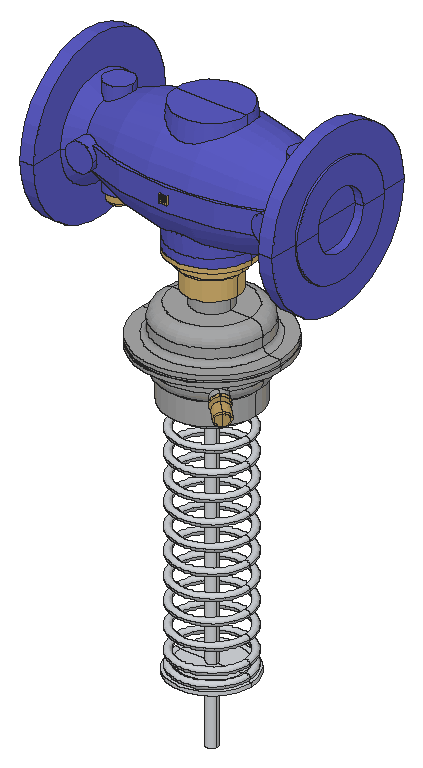
Revit family "Differenzdruckregler F_4007_10-40kPa", category Rohrzubehör, Revit 2021
Family settings
  Bemaßung runder Anschluss = Durchmesser verwenden
  Teiletyp = Unterbricht
  OmniClass-Nummer = 23.65.55.14
  OmniClass-Titel = Valves for Liquid Services
  Arbeitsebenenbasiert = Nein
  Immer vertikal = Ja
  Beim Laden mit Abzugskörper schneiden = Nein
  Gemeinsam genutzt = Nein
Parameters
  Vorgabe-Ansicht = 0 mm
  Min. Betriebstemperatur (Frostschutz) = -10 °C  # constant formula
  Min. Betriebstemperatur = 2 °C  # constant formula
  Max. Betriebsdruck = 1600000.0 Pa  # constant formula
  Max. Betriebstemperatur = 110 °C  # constant formula
  URL = "www.herz-armaturen.at"
  Sollwertfeder = "EN 10270-1-SH"  # constant formula
  SCRNSEQ = "ARM;ARM_TYP=\"DIFR\";2"
  SCRNCODE = "05;03;02"  # constant formula
  S02 [instance] = H03 + H13  # 134 mm
  S01 [instance] = (2 * H02) + (2 * H04) + H05  # 72.7 mm
  R99 = 14 mm  # constant formula
  R98 = 6 mm  # constant formula
  R97 = 2 mm  # constant formula
  R02 = 15.5 mm  # constant formula
  R01 [instance] = size_lookup("4007_F_10-40", "R1", 45.5 mm, Nennweite)  # 55.5 mm
  R00 [instance] = size_lookup("4007_F_10-40", "R", 53 mm, Nennweite)  # 65 mm
  Nennweite [instance] = 65 mm
  Membrane und O-Ringe = "EPDM"  # constant formula
  Medium = "Die Verwendung von Ethylen- und Propylenglykol ist im Mischungsverhältnis 25 - 50 % zulässig. Heizwasserqualität entsprechend ÖNORM H 5195 bzw. VDI-Richtlinie 2035"
  L05 [instance] = L04 - 6.3 mm  # 104.7 mm
  L04 [instance] = size_lookup("4007_F_10-40", "L4", 81 mm, Nennweite)  # 111 mm
  L03 = 10 mm  # constant formula
  L02 [instance] = size_lookup("4007_F_10-40", "L2", 15 mm, Nennweite)  # 15 mm
  L01 = 3 mm  # constant formula
  L00 [instance] = size_lookup("4007_F_10-40", "L", 115 mm, Nennweite)  # 145 mm
  Hersteller = "HERZ Armaturen Ges.m.b.H."  # constant formula
  H19 [instance] = size_lookup("4007_F_10-40", "H19", 9 mm, Nennweite)  # 581 mm
  H18 [instance] = H19 - 75 mm  # 506 mm
  H17 = 6 mm  # constant formula
  H16 = 10 mm  # constant formula
  H15 = 24.5 mm  # constant formula
  H14 = 5 mm  # constant formula
  H13 = 17 mm  # constant formula
  H12 [instance] = R00 + 4 mm  # 69 mm
  H11 [instance] = R00 + 10 mm  # 75 mm
  H10 = 5 mm  # constant formula
  H09 [instance] = size_lookup("4007_F_10-40", "H9", 9 mm, Nennweite)  # 9 mm
  H08 = 21 mm  # constant formula
  H07 [instance] = R00 + 23.4 mm  # 88.4 mm
  H06 [instance] = D12 + 15 mm  # 55.5 mm
  H05 = 2.5 mm  # constant formula
  H04 = 4.6 mm  # constant formula
  H03 [instance] = H08 + H09 + H10 + H11 + H14 + R97  # 117 mm
  H02 [instance] = size_lookup("4007_F_10-40", "H2", 30.5 mm, Nennweite)  # 30.5 mm
  H01 [instance] = size_lookup("4007_F_10-40", "H1", 210 mm, Nennweite)  # 205 mm
  Gehäuse = "Grauguss GJL250 nach EN 1561"  # constant formula
  Differenzdruck Einstellbereich = "10-40 kPa"  # constant formula
  DN80 [instance] = Nennweite = 80 mm  # no
  DN65 [instance] = Nennweite = 65 mm  # yes
  DN100 [instance] = Nennweite = 100 mm  # no
  D17 = 6 mm  # constant formula
  D16 = 45 mm  # constant formula
  D15 = 35 mm  # constant formula
  D14 = 50 mm  # constant formula
  D13 [instance] = D11 + 10 mm  # 50 mm
  D12 [instance] = R01 - 15 mm  # 40.5 mm
  D11 [instance] = size_lookup("4007_F_10-40", "D11", 40 mm, Nennweite)  # 40 mm
  D10 [instance] = D11 + 5 mm  # 45 mm
  D09 [instance] = D11 - 5 mm  # 35 mm
  D08 = 24 mm  # constant formula
  D07 = 29.5 mm  # constant formula
  D06 [instance] = size_lookup("4007_F_10-40", "D6", 51 mm, Nennweite)  # 57.8 mm
  D05 [instance] = D04 - 1 mm  # 77 mm
  D04 [instance] = size_lookup("4007_F_10-40", "D4", 51 mm, Nennweite)  # 78 mm
  D03 = 21 mm  # constant formula
  D02 [instance] = Nennweite / 2  # 32.5 mm
  D01 [instance] = size_lookup("4007_F_10-40", "D1", 51 mm, Nennweite)  # 61 mm
  D00 [instance] = size_lookup("4007_F_10-40", "D", 82.5 mm, Nennweite)  # 92.5 mm
  Bestellnummer [instance] = if(Nennweite = 65 mm, "F400707", if(Nennweite = 80 mm, "F400708", if(Nennweite = 100 mm, "F400709", "0")))  # "F400707"
  Ausführung = "Der Differenzdruckregler ist ein Proportionalregler in Geradsitzausführung und arbeitet ohne Hilfsenergie für Zweirohranlagen. Der gewünschte Differenzdruck- Sollwert kann zwischen 10 und 40 kPa stufenlos eingestellt werden."
  Anwendung = "Für Heizungs- und Kühlanlagen um den Differenzdruck innerhalb des regeltechnischen Bereiches konstant zu halten."
  Anschlussflansch = "EN 1092-2"  # constant formula
Reference planes
  plane 1 "Mitte (Vorne/hinten)": y = 0
  plane 2: z = -0.015
  plane 3 "Mitte (Links/rechts)": x = 0
Forms (mm)
  Revolve 1, solid, material "Herz-Marineblau", detail levels fine
    sketch origin (1065, 0, 0) x (1, 0, 0) y (0, 1, 0)
      loop
        line (-1207, 92.5) -> (-1207, 61) -> (-1210, 61) -> (-1210, 32.5) -> (-1200, 32.5) -> (-1200, 0) -> (-930, 0) -> (-930, 32.5) -> (-920, 32.5) -> (-920, 61) -> (-923, 61) -> (-923, 92.5) -> (-938, 92.5) -> (-938, 55.5) -> (-954, 40.5)
        arc (-954, 40.5) -> (-1065, 65) -> (-1176, 40.5) r 263.699
        line (-1176, 40.5) -> (-1192, 55.5) -> (-1192, 92.5) -> (-1207, 92.5)
      axis (-1210, 0) -> (-920, 0)
    angle from 0 to 360
  Extrusion 2, solid, material "Herz-Marineblau", detail levels fine
    sketch origin (0, 0, 0) x (1, 0, 0) y (0, 1, 0)
      loop
        circle (-104.7, 0) r 15.5
      loop
        circle (104.7, 0) r 15.5
    from -55.515 to 55.485
  Extrusion 3, solid, material "Herz-Marineblau", detail levels fine
    sketch origin (0, 0, 0) x (-1, 0, 0) y (0, 0, -1)
      loop
        circle (104.7, 0) r 15.5
      loop
        circle (-104.7, 0) r 15.5
    from -55.5 to 55.5
  Revolve 4, solid, material "Herz-Marineblau", detail levels fine
    sketch origin (92.737, 0, -45.97) x (1, 0, 0) y (0, 0, 1)
      loop
        line (-92.737, 114.955) -> (-92.737, -29.045) -> (-47.737, -29.045) -> (-47.737, -19.045) -> (-42.737, 45.97) -> (-52.737, 114.955) -> (-92.737, 114.955)
      axis (-92.737, 114.955) -> (-92.737, -29.045)
    angle from 0 to 360
  Revolve 5, solid, material "Messing", detail levels fine
    sketch origin (446.725, 0, 35.707) x (1, 0, 0) y (0, 0, 1)
      loop
        line (-446.725, -110.722) -> (-446.725, -152.722) -> (-417.225, -152.722) -> (-417.225, -131.722) -> (-422.725, -131.722) -> (-422.725, -126.722) -> (-411.725, -126.722) -> (-411.725, -117.722)
        arc (-411.725, -117.722) -> (-411.14, -116.308) -> (-409.725, -115.722) r 2
        line (-409.725, -115.722) -> (-401.725, -115.722) -> (-401.725, -110.722) -> (-446.725, -110.722)
      axis (-446.725, -152.722) -> (-446.725, -110.722)
    angle from 0 to 360
  Revolve 6, solid, material "Aluminium", detail levels fine
    sketch origin (925.114, 0, 19.41) x (1, 0, 0) y (0, 0, 1)
      loop
        line (-925.114, -136.425) -> (-925.114, -250.625) -> (-875.114, -250.625) -> (-875.114, -226.125) -> (-881.314, -226.125)
        arc (-881.314, -226.125) -> (-871.414, -222.025) -> (-867.314, -212.125) r 14
        line (-867.314, -212.125) -> (-867.314, -201.625)
        arc (-867.314, -201.625) -> (-865.556, -197.383) -> (-861.314, -195.625) r 6
        line (-861.314, -195.625) -> (-847.114, -195.625) -> (-847.114, -191.025) -> (-848.114, -191.025) -> (-848.114, -188.525) -> (-847.114, -188.525) -> (-847.114, -183.925) -> (-861.314, -183.925)
        arc (-861.314, -183.925) -> (-865.556, -182.168) -> (-867.314, -177.925) r 6
        line (-867.314, -177.925) -> (-867.314, -167.425)
        arc (-867.314, -167.425) -> (-871.414, -157.526) -> (-881.314, -153.425) r 14
        line (-881.314, -153.425) -> (-904.114, -153.425) -> (-904.114, -136.425) -> (-925.114, -136.425)
      axis (-925.114, -136.425) -> (-925.114, -250.625)
    angle from 0 to 360
  Extrusion 7, solid, material "Herz-Marineblau", visible <- "DN65", detail levels fine
    sketch origin (0, 0, 0) x (1, 0, 0) y (0, 1, 0)
      loop
        arc (-104.7, -46.589) -> (0, -68) -> (104.7, -46.589) r 266.699
        line (104.7, -46.589) -> (104.7, 46.589)
        arc (104.7, 46.589) -> (0, 68) -> (-104.7, 46.589) r 266.699
        line (-104.7, 46.589) -> (-104.7, -46.589)
    from -12.5 to 12.5
  Extrusion 8, solid, material "Herz-Marineblau", visible <- "DN80", detail levels fine
    sketch origin (0, 0, 0) x (1, 0, 0) y (0, 1, 0)
      loop
        arc (-114.7, -54.973) -> (0, -74) -> (114.7, -54.973) r 355.238
        line (114.7, -54.973) -> (114.7, 54.973)
        arc (114.7, 54.973) -> (0, 74) -> (-114.7, 54.973) r 355.238
        line (-114.7, 54.973) -> (-114.7, -54.973)
    from -12.5 to 12.5
  Extrusion 9, solid, material "Herz-Marineblau", visible <- "DN100", detail levels fine
    sketch origin (0, 0, 0) x (1, 0, 0) y (0, 1, 0)
      loop
        arc (-134.7, -65.632) -> (0, -85) -> (134.7, -65.632) r 478.099
        line (134.7, -65.632) -> (134.7, 65.632)
        arc (134.7, 65.632) -> (0, 85) -> (-134.7, 65.632) r 478.099
        line (-134.7, 65.632) -> (-134.7, -65.632)
    from -12.5 to 12.5
  Revolve 10, solid, detail levels fine
    sketch origin (0, 0, 0) x (1, 0, 0) y (0, 0, 1)
      loop
        line (0, -506.015) -> (45, -506.015) -> (45, -502.015) -> (35, -502.015) -> (35, -496.015) -> (0, -496.015) -> (0, -506.015)
      axis (0, -496.015) -> (0, -506.015)
    angle from 0 to 360
  Revolve 11, solid, detail levels fine
    sketch origin (0, 0, 0) x (1, 0, 0) y (0, 0, 1)
      loop
        line (0, -219.215) -> (0, -581.015) -> (6, -581.015) -> (6, -219.215) -> (0, -219.215)
      axis (0, -219.215) -> (0, -581.015)
    angle from 0 to 360
  Sweep 12, solid, visible <- "DN65", detail levels fine
    path in 3D
      loop
        arc (-39, 0, -234.715) -> (0, -39, -234.715) -> (39, 0, -234.715) r 39
        arc (39, 0, -234.715) -> (0, 39, -234.715) -> (-39, 0, -234.715) r 39
    profile origin (0, 39, -234.715) x (0, -1, 0) y (0, 0, 1)
      loop
        circle (0, 0) r 3.5
  Sweep 13, solid, visible <- "DN65", detail levels fine
    path in 3D
      loop
        arc (-39, 0, -259.715) -> (0, -39, -259.715) -> (39, 0, -259.715) r 39
        arc (39, 0, -259.715) -> (0, 39, -259.715) -> (-39, 0, -259.715) r 39
    profile origin (0, 39, -259.715) x (0, -1, 0) y (0, 0, 1)
      loop
        circle (0, 0) r 3.5
  Sweep 14, solid, visible <- "DN65", detail levels fine
    path in 3D
      loop
        arc (-39, 0, -284.715) -> (0, -39, -284.715) -> (39, 0, -284.715) r 39
        arc (39, 0, -284.715) -> (0, 39, -284.715) -> (-39, 0, -284.715) r 39
    profile origin (0, 39, -284.715) x (0, -1, 0) y (0, 0, 1)
      loop
        circle (0, 0) r 3.5
  Sweep 15, solid, visible <- "DN65", detail levels fine
    path in 3D
      loop
        arc (-39, 0, -309.715) -> (0, -39, -309.715) -> (39, 0, -309.715) r 39
        arc (39, 0, -309.715) -> (0, 39, -309.715) -> (-39, 0, -309.715) r 39
    profile origin (0, 39, -309.715) x (0, -1, 0) y (0, 0, 1)
      loop
        circle (0, 0) r 3.5
  Sweep 16, solid, visible <- "DN65", detail levels fine
    path in 3D
      loop
        arc (-39, 0, -334.715) -> (0, -39, -334.715) -> (39, 0, -334.715) r 39
        arc (39, 0, -334.715) -> (0, 39, -334.715) -> (-39, 0, -334.715) r 39
    profile origin (0, 39, -334.715) x (0, -1, 0) y (0, 0, 1)
      loop
        circle (0, 0) r 3.5
  Sweep 17, solid, visible <- "DN65", detail levels fine
    path in 3D
      loop
        arc (-39, 0, -359.715) -> (0, -39, -359.715) -> (39, 0, -359.715) r 39
        arc (39, 0, -359.715) -> (0, 39, -359.715) -> (-39, 0, -359.715) r 39
    profile origin (0, 39, -359.715) x (0, -1, 0) y (0, 0, 1)
      loop
        circle (0, 0) r 3.5
  Sweep 18, solid, visible <- "DN65", detail levels fine
    path in 3D
      loop
        arc (-39, 0, -384.715) -> (0, -39, -384.715) -> (39, 0, -384.715) r 39
        arc (39, 0, -384.715) -> (0, 39, -384.715) -> (-39, 0, -384.715) r 39
    profile origin (0, 39, -384.715) x (0, -1, 0) y (0, 0, 1)
      loop
        circle (0, 0) r 3.5
  Sweep 19, solid, visible <- "DN65", detail levels fine
    path in 3D
      loop
        arc (-39, 0, -409.715) -> (0, -39, -409.715) -> (39, 0, -409.715) r 39
        arc (39, 0, -409.715) -> (0, 39, -409.715) -> (-39, 0, -409.715) r 39
    profile origin (0, 39, -409.715) x (0, -1, 0) y (0, 0, 1)
      loop
        circle (0, 0) r 3.5
  Sweep 20, solid, visible <- "DN65", detail levels fine
    path in 3D
      loop
        arc (-39, 0, -434.715) -> (0, -39, -434.715) -> (39, 0, -434.715) r 39
        arc (39, 0, -434.715) -> (0, 39, -434.715) -> (-39, 0, -434.715) r 39
    profile origin (0, 39, -434.715) x (0, -1, 0) y (0, 0, 1)
      loop
        circle (0, 0) r 3.5
  Sweep 21, solid, visible <- "DN65", detail levels fine
    path in 3D
      loop
        arc (-39, 0, -459.715) -> (0, -39, -459.715) -> (39, 0, -459.715) r 39
        arc (39, 0, -459.715) -> (0, 39, -459.715) -> (-39, 0, -459.715) r 39
    profile origin (0, 39, -459.715) x (0, -1, 0) y (0, 0, 1)
      loop
        circle (0, 0) r 3.5
  Sweep 22, solid, visible <- "DN65", detail levels fine
    path in 3D
      loop
        arc (-39, 0, -484.715) -> (0, -39, -484.715) -> (39, 0, -484.715) r 39
        arc (39, 0, -484.715) -> (0, 39, -484.715) -> (-39, 0, -484.715) r 39
    profile origin (0, 39, -484.715) x (0, -1, 0) y (0, 0, 1)
      loop
        circle (0, 0) r 3.5
  Sweep 23, solid, visible <- "DN65", detail levels fine
    path in 3D
      loop
        arc (-39, 0, -498.715) -> (0, -39, -498.715) -> (39, 0, -498.715) r 39
        arc (39, 0, -498.715) -> (0, 39, -498.715) -> (-39, 0, -498.715) r 39
    profile origin (0, 39, -498.715) x (0, -1, 0) y (0, 0, 1)
      loop
        circle (0, 0) r 3.5
  Sweep 24, solid, visible <- "DN80", detail levels fine
    path in 3D
      loop
        arc (-39, 0, -241.715) -> (0, -39, -241.715) -> (39, 0, -241.715) r 39
        arc (39, 0, -241.715) -> (0, 39, -241.715) -> (-39, 0, -241.715) r 39
    profile origin (0, 39, -241.715) x (0, -1, 0) y (0, 0, 1)
      loop
        circle (0, 0) r 3.5
  Sweep 25, solid, visible <- "DN80", detail levels fine
    path in 3D
      loop
        arc (-39, 0, -266.715) -> (0, -39, -266.715) -> (39, 0, -266.715) r 39
        arc (39, 0, -266.715) -> (0, 39, -266.715) -> (-39, 0, -266.715) r 39
    profile origin (0, 39, -266.715) x (0, -1, 0) y (0, 0, 1)
      loop
        circle (0, 0) r 3.5
  Sweep 26, solid, visible <- "DN80", detail levels fine
    path in 3D
      loop
        arc (-39, 0, -291.715) -> (0, -39, -291.715) -> (39, 0, -291.715) r 39
        arc (39, 0, -291.715) -> (0, 39, -291.715) -> (-39, 0, -291.715) r 39
    profile origin (0, 39, -291.715) x (0, -1, 0) y (0, 0, 1)
      loop
        circle (0, 0) r 3.5
  Sweep 27, solid, visible <- "DN80", detail levels fine
    path in 3D
      loop
        arc (-39, 0, -316.715) -> (0, -39, -316.715) -> (39, 0, -316.715) r 39
        arc (39, 0, -316.715) -> (0, 39, -316.715) -> (-39, 0, -316.715) r 39
    profile origin (0, 39, -316.715) x (0, -1, 0) y (0, 0, 1)
      loop
        circle (0, 0) r 3.5
  Sweep 28, solid, visible <- "DN80", detail levels fine
    path in 3D
      loop
        arc (-39, 0, -341.715) -> (0, -39, -341.715) -> (39, 0, -341.715) r 39
        arc (39, 0, -341.715) -> (0, 39, -341.715) -> (-39, 0, -341.715) r 39
    profile origin (0, 39, -341.715) x (0, -1, 0) y (0, 0, 1)
      loop
        circle (0, 0) r 3.5
  Sweep 29, solid, visible <- "DN80", detail levels fine
    path in 3D
      loop
        arc (-39, 0, -366.715) -> (0, -39, -366.715) -> (39, 0, -366.715) r 39
        arc (39, 0, -366.715) -> (0, 39, -366.715) -> (-39, 0, -366.715) r 39
    profile origin (0, 39, -366.715) x (0, -1, 0) y (0, 0, 1)
      loop
        circle (0, 0) r 3.5
  Sweep 30, solid, visible <- "DN80", detail levels fine
    path in 3D
      loop
        arc (-39, 0, -391.715) -> (0, -39, -391.715) -> (39, 0, -391.715) r 39
        arc (39, 0, -391.715) -> (0, 39, -391.715) -> (-39, 0, -391.715) r 39
    profile origin (0, 39, -391.715) x (0, -1, 0) y (0, 0, 1)
      loop
        circle (0, 0) r 3.5
  Sweep 31, solid, visible <- "DN80", detail levels fine
    path in 3D
      loop
        arc (-39, 0, -416.715) -> (0, -39, -416.715) -> (39, 0, -416.715) r 39
        arc (39, 0, -416.715) -> (0, 39, -416.715) -> (-39, 0, -416.715) r 39
    profile origin (0, 39, -416.715) x (0, -1, 0) y (0, 0, 1)
      loop
        circle (0, 0) r 3.5
  Sweep 32, solid, visible <- "DN80", detail levels fine
    path in 3D
      loop
        arc (-39, 0, -441.715) -> (0, -39, -441.715) -> (39, 0, -441.715) r 39
        arc (39, 0, -441.715) -> (0, 39, -441.715) -> (-39, 0, -441.715) r 39
    profile origin (0, 39, -441.715) x (0, -1, 0) y (0, 0, 1)
      loop
        circle (0, 0) r 3.5
  Sweep 33, solid, visible <- "DN80", detail levels fine
    path in 3D
      loop
        arc (-39, 0, -466.715) -> (0, -39, -466.715) -> (39, 0, -466.715) r 39
        arc (39, 0, -466.715) -> (0, 39, -466.715) -> (-39, 0, -466.715) r 39
    profile origin (0, 39, -466.715) x (0, -1, 0) y (0, 0, 1)
      loop
        circle (0, 0) r 3.5
  Sweep 34, solid, visible <- "DN80", detail levels fine
    path in 3D
      loop
        arc (-39, 0, -491.715) -> (0, -39, -491.715) -> (39, 0, -491.715) r 39
        arc (39, 0, -491.715) -> (0, 39, -491.715) -> (-39, 0, -491.715) r 39
    profile origin (0, 39, -491.715) x (0, -1, 0) y (0, 0, 1)
      loop
        circle (0, 0) r 3.5
  Sweep 35, solid, visible <- "DN80", detail levels coarse+medium
    path in 3D
      loop
        arc (-39, 0, -520.215) -> (0, -39, -520.215) -> (39, 0, -520.215) r 39
        arc (39, 0, -520.215) -> (0, 39, -520.215) -> (-39, 0, -520.215) r 39
    profile origin (0, 39, -520.215) x (0, -1, 0) y (0, 0, 1)
      loop
        circle (0, 0) r 3.5
  Sweep 36, solid, visible <- "DN100", detail levels fine
    path in 3D
      loop
        arc (-39, 0, -251.715) -> (0, -39, -251.715) -> (39, 0, -251.715) r 39
        arc (39, 0, -251.715) -> (0, 39, -251.715) -> (-39, 0, -251.715) r 39
    profile origin (0, 39, -251.715) x (0, -1, 0) y (0, 0, 1)
      loop
        circle (0, 0) r 3.5
  Sweep 37, solid, visible <- "DN100", detail levels fine
    path in 3D
      loop
        arc (-39, 0, -276.715) -> (0, -39, -276.715) -> (39, 0, -276.715) r 39
        arc (39, 0, -276.715) -> (0, 39, -276.715) -> (-39, 0, -276.715) r 39
    profile origin (0, 39, -276.715) x (0, -1, 0) y (0, 0, 1)
      loop
        circle (0, 0) r 3.5
  Sweep 38, solid, visible <- "DN100", detail levels fine
    path in 3D
      loop
        arc (-39, 0, -301.715) -> (0, -39, -301.715) -> (39, 0, -301.715) r 39
        arc (39, 0, -301.715) -> (0, 39, -301.715) -> (-39, 0, -301.715) r 39
    profile origin (0, 39, -301.715) x (0, -1, 0) y (0, 0, 1)
      loop
        circle (0, 0) r 3.5
  Sweep 39, solid, visible <- "DN100", detail levels fine
    path in 3D
      loop
        arc (-39, 0, -326.715) -> (0, -39, -326.715) -> (39, 0, -326.715) r 39
        arc (39, 0, -326.715) -> (0, 39, -326.715) -> (-39, 0, -326.715) r 39
    profile origin (0, 39, -326.715) x (0, -1, 0) y (0, 0, 1)
      loop
        circle (0, 0) r 3.5
  Sweep 40, solid, visible <- "DN100", detail levels fine
    path in 3D
      loop
        arc (-39, 0, -351.715) -> (0, -39, -351.715) -> (39, 0, -351.715) r 39
        arc (39, 0, -351.715) -> (0, 39, -351.715) -> (-39, 0, -351.715) r 39
    profile origin (0, 39, -351.715) x (0, -1, 0) y (0, 0, 1)
      loop
        circle (0, 0) r 3.5
  Sweep 41, solid, visible <- "DN100", detail levels fine
    path in 3D
      loop
        arc (-39, 0, -376.715) -> (0, -39, -376.715) -> (39, 0, -376.715) r 39
        arc (39, 0, -376.715) -> (0, 39, -376.715) -> (-39, 0, -376.715) r 39
    profile origin (0, 39, -376.715) x (0, -1, 0) y (0, 0, 1)
      loop
        circle (0, 0) r 3.5
  Sweep 42, solid, visible <- "DN100", detail levels fine
    path in 3D
      loop
        arc (-39, 0, -401.715) -> (0, -39, -401.715) -> (39, 0, -401.715) r 39
        arc (39, 0, -401.715) -> (0, 39, -401.715) -> (-39, 0, -401.715) r 39
    profile origin (0, 39, -401.715) x (0, -1, 0) y (0, 0, 1)
      loop
        circle (0, 0) r 3.5
  Sweep 43, solid, visible <- "DN100", detail levels fine
    path in 3D
      loop
        arc (-39, 0, -426.715) -> (0, -39, -426.715) -> (39, 0, -426.715) r 39
        arc (39, 0, -426.715) -> (0, 39, -426.715) -> (-39, 0, -426.715) r 39
    profile origin (0, 39, -426.715) x (0, -1, 0) y (0, 0, 1)
      loop
        circle (0, 0) r 3.5
  Sweep 44, solid, visible <- "DN100", detail levels fine
    path in 3D
      loop
        arc (-39, 0, -451.715) -> (0, -39, -451.715) -> (39, 0, -451.715) r 39
        arc (39, 0, -451.715) -> (0, 39, -451.715) -> (-39, 0, -451.715) r 39
    profile origin (0, 39, -451.715) x (0, -1, 0) y (0, 0, 1)
      loop
        circle (0, 0) r 3.5
  Sweep 45, solid, visible <- "DN100", detail levels fine
    path in 3D
      loop
        arc (-39, 0, -476.715) -> (0, -39, -476.715) -> (39, 0, -476.715) r 39
        arc (39, 0, -476.715) -> (0, 39, -476.715) -> (-39, 0, -476.715) r 39
    profile origin (0, 39, -476.715) x (0, -1, 0) y (0, 0, 1)
      loop
        circle (0, 0) r 3.5
  Sweep 46, solid, visible <- "DN100", detail levels fine
    path in 3D
      loop
        arc (-39, 0, -501.715) -> (0, -39, -501.715) -> (39, 0, -501.715) r 39
        arc (39, 0, -501.715) -> (0, 39, -501.715) -> (-39, 0, -501.715) r 39
    profile origin (0, 39, -501.715) x (0, -1, 0) y (0, 0, 1)
      loop
        circle (0, 0) r 3.5
  Sweep 47, solid, visible <- "DN100", detail levels fine
    path in 3D
      loop
        arc (-39, 0, -520.215) -> (0, -39, -520.215) -> (39, 0, -520.215) r 39
        arc (39, 0, -520.215) -> (0, 39, -520.215) -> (-39, 0, -520.215) r 39
    profile origin (0, 39, -520.215) x (0, -1, 0) y (0, 0, 1)
      loop
        circle (0, 0) r 3.5
  Sweep 48, solid, visible <- "DN80", detail levels fine
    path in 3D
      loop
        arc (-39, 0, -517.715) -> (0, -39, -517.715) -> (39, 0, -517.715) r 39
        arc (39, 0, -517.715) -> (0, 39, -517.715) -> (-39, 0, -517.715) r 39
    profile origin (0, 39, -517.715) x (0, -1, 0) y (0, 0, 1)
      loop
        circle (0, 0) r 3.5
  Revolve 49, solid, material "Messing, weicher Gelbton, geschweißt", visible <- "DN65", detail levels fine
    sketch origin (-4.911, 4.911, 5.574) x (0.707107, -0.707107, 0) y (0, 0, 1)
      loop
        line (70.524, -205.006) -> (94, -209.996) -> (95.511, -202.887) -> (94.817, -201.293) -> (81.133, -198.384) -> (80.534, -201.204) -> (75.643, -200.164) -> (76.516, -196.056) -> (72.604, -195.224) -> (70.524, -205.006)
      axis (94, -209.996) -> (70.524, -205.006)
    angle from 0 to 360
  Revolve 50, solid, material "Aluminium", visible <- "DN65", detail levels fine
    sketch origin (31.152, -31.152, -5.266) x (0.707107, -0.707107, 0) y (0, 0, 1)
      loop
        line (19.524, -194.165) -> (21.5, -184.873) -> (-42.08, -171.359) -> (-44.055, -180.651) -> (19.524, -194.165)
      axis (-44.055, -180.651) -> (19.524, -194.165)
    angle from 0 to 360
  Revolve 51, solid, material "Messing, weicher Gelbton, geschweißt", visible <- "DN80", detail levels fine
    sketch origin (4.911, 4.911, -1.426) x (-0.707107, -0.707107, 0) y (0, 0, -1)
      loop
        line (70.524, 205.006) -> (72.604, 195.224) -> (76.516, 196.056) -> (75.643, 200.164) -> (80.534, 201.204) -> (81.133, 198.384) -> (94.817, 201.293) -> (95.511, 202.887) -> (94, 209.996) -> (70.524, 205.006)
      axis (94, 209.996) -> (70.524, 205.006)
    angle from 0 to 360
  Revolve 52, solid, material "Aluminium", visible <- "DN80", detail levels fine
    sketch origin (-31.152, -31.152, -12.266) x (-0.707107, -0.707107, 0) y (0, 0, -1)
      loop
        line (19.524, 194.165) -> (-44.055, 180.651) -> (-42.08, 171.359) -> (21.5, 184.873) -> (19.524, 194.165)
      axis (-44.055, 180.651) -> (19.524, 194.165)
    angle from 0 to 360
  Revolve 53, solid, material "Messing, weicher Gelbton, geschweißt", visible <- "DN100", detail levels fine
    sketch origin (4.911, 4.911, -11.426) x (-0.707107, -0.707107, 0) y (0, 0, -1)
      loop
        line (70.524, 205.006) -> (72.604, 195.224) -> (76.516, 196.056) -> (75.643, 200.164) -> (80.534, 201.204) -> (81.133, 198.384) -> (94.817, 201.293) -> (95.511, 202.887) -> (94, 209.996) -> (70.524, 205.006)
      axis (94, 209.996) -> (70.524, 205.006)
    angle from 0 to 360
  Revolve 54, solid, material "Aluminium", visible <- "DN100", detail levels fine
    sketch origin (-31.152, -31.152, -22.266) x (-0.707107, -0.707107, 0) y (0, 0, -1)
      loop
        line (19.524, 194.165) -> (-44.055, 180.651) -> (-42.08, 171.359) -> (21.5, 184.873) -> (19.524, 194.165)
      axis (-44.055, 180.651) -> (19.524, 194.165)
    angle from 0 to 360
  Revolve 55, solid, material "Messing, weicher Gelbton, geschweißt", detail levels fine
    sketch origin (0, 0, 0) x (1, 0, 0) y (0, 0, 1)
      loop
        line (-104.7, -55.515) -> (-116.7, -55.515) -> (-116.7, -64.515) -> (-113.7, -64.515) -> (-113.7, -68.015) -> (-104.7, -68.015) -> (-104.7, -55.515)
      axis (-104.7, -68.015) -> (-104.7, -55.515)
    angle from 0 to 360
  Revolve 56, solid, material "Messing, weicher Gelbton, geschweißt", detail levels fine
    sketch origin (0, 0, 0) x (-1, 0, 0) y (0, 0, 1)
      loop
        line (-104.7, -55.515) -> (-116.7, -55.515) -> (-116.7, -64.515) -> (-113.7, -64.515) -> (-113.7, -68.015) -> (-104.7, -68.015) -> (-104.7, -55.515)
      axis (-104.7, -68.015) -> (-104.7, -55.515)
    angle from 0 to 360
Lines and regions (mm)
  model lines, detail levels coarse+medium
    curve 1: line (-145, 0, -92.515) -> (-145, 0, 92.485)
    curve 2: line (-145, 0, 92.485) -> (145, 0, -92.515)
    curve 3: line (145, 0, -92.515) -> (145, 0, 92.485)
    curve 4: line (145, 0, 92.485) -> (-145, 0, -92.515)
    curve 5: line (-72.5, 0, -46.265) -> (0, 0, -92.515)
    curve 6: line (0, 0, -92.515) -> (72.5, 0, -46.265)
    curve 7: spline (-78, 0, -170.365) -> (-75.342, 0, -160.957) -> (-67.55, 0, -152.19) -> (-55.154, 0, -144.662) -> (-39, 0, -138.885) -> (-20.188, 0, -135.254) -> (0, 0, -134.015) -> (20.188, 0, -135.254) -> (39, 0, -138.885) -> (55.154, 0, -144.662) -> (67.55, 0, -152.19) -> (75.342, 0, -160.957) -> (78, 0, -170.365) -> (75.342, 0, -179.773) -> (67.55, 0, -188.54) -> (55.154, 0, -196.069) -> (39, 0, -201.845) -> (20.188, 0, -205.477) -> (0, 0, -206.715) -> (-20.188, 0, -205.477) -> (-39, 0, -201.845) -> (-55.154, 0, -196.069) -> (-67.55, 0, -188.54) -> (-75.342, 0, -179.773) -> (-78, 0, -170.365)
    curve 8: line (0, 0, -92.515) -> (0, 0, -134.015)
    curve 9: line (-145, 92.5, 0) -> (-145, -92.5, 0)
    curve 10: line (-145, -92.5, 0) -> (145, 92.5, 0)
    curve 11: line (145, 92.5, 0) -> (145, -92.5, 0)
    curve 12: line (145, -92.5, 0) -> (-145, 92.5, 0)
    curve 13: line (-72.5, -46.25, 0) -> (0, -92.5, 0)
    curve 14: line (0, -92.5, 0) -> (72.5, -46.25, 0)
    curve 15: line (0, -92.5, 0) -> (0, -134, 0)
    curve 16: spline (-78, -170.35, 0) -> (-75.342, -160.942, 0) -> (-67.55, -152.175, 0) -> (-55.154, -144.647, 0) -> (-39, -138.87, 0) -> (-20.188, -135.239, 0) -> (0, -134, 0) -> (20.188, -135.239, 0) -> (39, -138.87, 0) -> (55.154, -144.647, 0) -> (67.55, -152.175, 0) -> (75.342, -160.942, 0) -> (78, -170.35, 0) -> (75.342, -179.758, 0) -> (67.55, -188.525, 0) -> (55.154, -196.053, 0) -> (39, -201.83, 0) -> (20.188, -205.461, 0) -> (0, -206.7, 0) -> (-20.188, -205.461, 0) -> (-39, -201.83, 0) -> (-55.154, -196.053, 0) -> (-67.55, -188.525, 0) -> (-75.342, -179.758, 0) -> (-78, -170.35, 0)
  sketch lines
    curve 17: circle (0, 0, -234.715) r 39 normal (0, 0, 1)
    curve 18: circle (0, 0, -259.715) r 39 normal (0, 0, 1)
    curve 19: circle (0, 0, -284.715) r 39 normal (0, 0, 1)
    curve 20: circle (0, 0, -309.715) r 39 normal (0, 0, 1)
    curve 21: circle (0, 0, -334.715) r 39 normal (0, 0, 1)
    curve 22: circle (0, 0, -359.715) r 39 normal (0, 0, 1)
    curve 23: circle (0, 0, -384.715) r 39 normal (0, 0, 1)
    curve 24: circle (0, 0, -409.715) r 39 normal (0, 0, 1)
    curve 25: circle (0, 0, -434.715) r 39 normal (0, 0, 1)
    curve 26: circle (0, 0, -459.715) r 39 normal (0, 0, 1)
    curve 27: circle (0, 0, -484.715) r 39 normal (0, 0, 1)
    curve 29: circle (0, 0, -498.715) r 39 normal (0, 0, 1)
    curve 30: circle (0, 0, -241.715) r 39 normal (0, 0, 1)
    curve 31: circle (0, 0, -266.715) r 39 normal (0, 0, 1)
    curve 32: circle (0, 0, -291.715) r 39 normal (0, 0, 1)
    curve 33: circle (0, 0, -316.715) r 39 normal (0, 0, 1)
    curve 34: circle (0, 0, -341.715) r 39 normal (0, 0, 1)
    curve 35: circle (0, 0, -366.715) r 39 normal (0, 0, 1)
    curve 36: circle (0, 0, -391.715) r 39 normal (0, 0, 1)
    curve 37: circle (0, 0, -416.715) r 39 normal (0, 0, 1)
    curve 38: circle (0, 0, -441.715) r 39 normal (0, 0, 1)
    curve 39: circle (0, 0, -466.715) r 39 normal (0, 0, 1)
    curve 40: circle (0, 0, -491.715) r 39 normal (0, 0, 1)
    curve 41: circle (0, 0, -520.215) r 39 normal (0, 0, 1)
    curve 43: circle (0, 0, -251.715) r 39 normal (0, 0, 1)
    curve 44: circle (0, 0, -276.715) r 39 normal (0, 0, 1)
    curve 45: circle (0, 0, -301.715) r 39 normal (0, 0, 1)
    curve 46: circle (0, 0, -326.715) r 39 normal (0, 0, 1)
    curve 47: circle (0, 0, -351.715) r 39 normal (0, 0, 1)
    curve 48: circle (0, 0, -376.715) r 39 normal (0, 0, 1)
    curve 49: circle (0, 0, -401.715) r 39 normal (0, 0, 1)
    curve 50: circle (0, 0, -426.715) r 39 normal (0, 0, 1)
    curve 51: circle (0, 0, -451.715) r 39 normal (0, 0, 1)
    curve 52: circle (0, 0, -476.715) r 39 normal (0, 0, 1)
    curve 53: circle (0, 0, -501.715) r 39 normal (0, 0, 1)
    curve 54: circle (0, 0, -520.215) r 39 normal (0, 0, 1)
    curve 56: circle (0, 0, -517.715) r 39 normal (0, 0, 1)
  model lines, visible <- "DN65", detail levels coarse+medium
    curve 28: line (-39, 0, -231.215) -> (39, 0, -231.215)
  model lines, visible <- "DN80", detail levels fine
    curve 42: line (-39, 0, -238.215) -> (39, 0, -238.215)
  model lines, visible <- "DN100", detail levels fine
    curve 55: line (-39, 0, -248.215) -> (39, 0, -248.215)
Dimensions and locks
  "H06": Extrusion 3 to plane 1 "Mitte (Vorne/hinten)" to Extrusion 3  (x2)
  "L02": Revolve 1 sketch curve to Revolve 1 sketch curve  (x2)
  "L01": Revolve 1 sketch curve to Revolve 1 sketch curve  (x2)
  "L00": Revolve 1 sketch curve to plane 3 "Mitte (Links/rechts)" to Revolve 1 sketch curve
  "L03": Revolve 1 sketch curve to Revolve 1 sketch curve  (x2)
  "D02": plane 1 "Mitte (Vorne/hinten)" to Revolve 1 sketch curve  (x2)
  "L04": plane 3 "Mitte (Links/rechts)" to Revolve 1 sketch curve
  "R01": plane 1 "Mitte (Vorne/hinten)" to Revolve 1 sketch curve
  "D01": plane 1 "Mitte (Vorne/hinten)" to Revolve 1 sketch curve  (x2)
  "D00": plane 1 "Mitte (Vorne/hinten)" to Revolve 1 sketch curve  (x2)
  "H06": Extrusion 2 to plane 2 to Extrusion 2  (x2)
  "L04": Revolve 1 sketch curve to plane 3 "Mitte (Links/rechts)"
  "R00": Revolve 1 sketch curve to Revolve 1 sketch curve
  "R01": Revolve 1 sketch curve to Revolve 1 sketch curve
  "D05": Revolve 6 sketch curve to Revolve 6 sketch curve
  "D04": Revolve 6 sketch curve to Revolve 6 sketch curve  (x2)
  "H04": Revolve 6 sketch curve to Revolve 6 sketch curve  (x2)
  "H05": Revolve 6 sketch curve to Revolve 6 sketch curve
  "H02": Revolve 6 sketch curve to Revolve 6 sketch curve  (x2)
  "H03": plane 2 to Revolve 6 sketch curve
  "D06": Revolve 6 sketch curve to Revolve 6 sketch curve
  "D03": Revolve 6 sketch curve to Revolve 6 sketch curve
  "D07": Revolve 5 sketch curve to Revolve 5 sketch curve
  "D08": Revolve 5 sketch curve to Revolve 5 sketch curve
  "H08": Revolve 5 sketch curve to Revolve 5 sketch curve
  "D09": Revolve 5 sketch curve to Revolve 5 sketch curve
  "D10": Revolve 5 sketch curve to Revolve 5 sketch curve
  "H10": Revolve 5 sketch curve to Revolve 5 sketch curve
  "H11": plane 2 to Revolve 4 sketch curve
  "H11": plane 2 to Revolve 5 sketch curve
  "D10": Revolve 4 sketch curve to Revolve 4 sketch curve
  "H12": Revolve 4 sketch curve to plane 2
  "L05": Extrusion 2 sketch curve to plane 3 "Mitte (Links/rechts)"
  "L05": plane 3 "Mitte (Links/rechts)" to Extrusion 2 sketch curve
  "L05": plane 3 "Mitte (Links/rechts)" to Extrusion 3 sketch curve
  "L05": Extrusion 3 sketch curve to plane 3 "Mitte (Links/rechts)"
  "D12": Revolve 1 sketch curve to Revolve 1 sketch curve  (x2)
  "D06": plane 3 "Mitte (Links/rechts)" to Revolve 6 sketch curve
  "R00": plane 2 to Revolve 4 sketch curve
  "D11": Revolve 4 sketch curve to Revolve 4 sketch curve
  "D13": Revolve 4 sketch curve to Revolve 4 sketch curve
  "H13": Revolve 6 sketch curve to Revolve 6 sketch curve
  "H14": Revolve 5 sketch curve to Revolve 5 sketch curve
  "H09": Revolve 5 sketch curve to Revolve 5 sketch curve
  "H03": plane 2 to Revolve 5 sketch curve
  "D14": Revolve 6 sketch curve to plane 3 "Mitte (Links/rechts)"
  "H15": Revolve 6 sketch curve to Revolve 6 sketch curve
  "H16": Revolve 10 sketch curve to Revolve 10 sketch curve
  "D15": Revolve 10 sketch curve to Revolve 10 sketch curve
  "D16": Revolve 10 sketch curve to Revolve 10 sketch curve
  "H17": Revolve 10 sketch curve to Revolve 10 sketch curve
  "D17": Revolve 11 sketch curve to Revolve 11 sketch curve
  "L00": curve 3 to plane 3 "Mitte (Links/rechts)" to curve 1
  "D00": curve 2 to plane 2 to curve 4
  "D00": curve 4 to plane 2 to curve 3
  equal spacing: plane 3 "Mitte (Links/rechts)", curve 5, curve 4
  equal spacing: curve 3, curve 6, plane 3 "Mitte (Links/rechts)"
  "D00": plane 2 to curve 6
  "D04": plane 3 "Mitte (Links/rechts)" to curve 7
  "S01": curve 7 to curve 7
  "S02": plane 2 to curve 8
  "S02": plane 2 to curve 7
  "L00": curve 9 to plane 3 "Mitte (Links/rechts)" to curve 11
  "D00": curve 10 to plane 1 "Mitte (Vorne/hinten)" to curve 12
  "D00": curve 12 to plane 1 "Mitte (Vorne/hinten)" to curve 11
  equal spacing: plane 3 "Mitte (Links/rechts)", curve 13, curve 10
  equal spacing: plane 3 "Mitte (Links/rechts)", curve 14, curve 12
  "D00": curve 14 to plane 1 "Mitte (Vorne/hinten)"
  "S02": curve 15 to plane 1 "Mitte (Vorne/hinten)"
  "S01": curve 16 to curve 16
  "D04": curve 16 to plane 3 "Mitte (Links/rechts)"
  "S02": curve 16 to plane 1 "Mitte (Vorne/hinten)"
  "H19": plane 2 to Revolve 11 sketch curve
  "H18": plane 2 to Revolve 10 sketch curve
  "H06": plane 2 to Revolve 55 sketch curve
  Revolve 55 sketch curve to Revolve 55 sketch curve = 9 mm  (x2)
  Revolve 55 sketch curve to Revolve 55 sketch curve = 12.5 mm
  Revolve 55 sketch curve to Revolve 55 sketch curve = 12 mm
  "L05": plane 3 "Mitte (Links/rechts)" to Revolve 55 sketch curve
  Revolve 56 sketch curve to Revolve 56 sketch curve = 9 mm  (x2)
  Revolve 56 sketch curve to Revolve 56 sketch curve = 12.5 mm
  Revolve 56 sketch curve to Revolve 56 sketch curve = 12 mm
  "H06": plane 2 to Revolve 56 sketch curve
  "L05": Revolve 56 sketch curve to plane 3 "Mitte (Links/rechts)"
  "R99": radius of Revolve 6 sketch curve  (x2)
  "R98": radius of Revolve 6 sketch curve  (x2)
  "R02": radius of Extrusion 2 sketch curve  (x2)
  "R02": radius of Extrusion 3 sketch curve  (x2)
  "R97": radius of Revolve 5 sketch curve
  aligned and locked: level to plane 2
Automatic sketch dimensions
  Extrusion 7 sketch curve to plane 3 "Mitte (Links/rechts)" = 0 mm  (x2)
  plane 1 "Mitte (Vorne/hinten)" to Extrusion 7 sketch curve = 46.589 mm
  Extrusion 7 sketch curve to plane 3 "Mitte (Links/rechts)" = 104.7 mm
  Extrusion 7 sketch curve to plane 1 "Mitte (Vorne/hinten)" = 46.589 mm
  plane 3 "Mitte (Links/rechts)" to Extrusion 7 sketch curve = 104.7 mm
  Extrusion 7 sketch curve to Extrusion 7 sketch curve = 152.11 mm  (x2)
  Extrusion 8 sketch curve to plane 3 "Mitte (Links/rechts)" = 0 mm  (x2)
  plane 1 "Mitte (Vorne/hinten)" to Extrusion 8 sketch curve = 54.973 mm
  Extrusion 8 sketch curve to plane 3 "Mitte (Links/rechts)" = 114.7 mm
  Extrusion 8 sketch curve to plane 1 "Mitte (Vorne/hinten)" = 54.973 mm
  plane 3 "Mitte (Links/rechts)" to Extrusion 8 sketch curve = 114.7 mm
  Extrusion 8 sketch curve to Extrusion 8 sketch curve = 226.265 mm  (x2)
  Extrusion 9 sketch curve to plane 3 "Mitte (Links/rechts)" = 0 mm  (x2)
  plane 1 "Mitte (Vorne/hinten)" to Extrusion 9 sketch curve = 65.632 mm
  Extrusion 9 sketch curve to plane 3 "Mitte (Links/rechts)" = 134.7 mm
  Extrusion 9 sketch curve to plane 1 "Mitte (Vorne/hinten)" = 65.632 mm
  plane 3 "Mitte (Links/rechts)" to Extrusion 9 sketch curve = 134.7 mm
  Extrusion 9 sketch curve to Extrusion 9 sketch curve = 327.466 mm  (x2)
  curve 55 to plane 3 "Mitte (Links/rechts)" = 39 mm
  curve 55 to plane 2 = 248.2 mm
  curve 42 to curve 55 = 0 mm  (x2)
  curve 28 to curve 42 = 0 mm  (x2)
  plane 3 "Mitte (Links/rechts)" to curve 42 = 39 mm
  curve 55 to curve 42 = 10 mm
  curve 42 to curve 28 = 7 mm
  Sweep 12 sketch curve to profile plane = 0 mm  (x2)
  Sweep 13 sketch curve to profile plane = 0 mm  (x2)
  Sweep 14 sketch curve to profile plane = 0 mm  (x2)
  Sweep 15 sketch curve to profile plane = 0 mm  (x2)
  Sweep 16 sketch curve to profile plane = 0 mm  (x2)
  Sweep 17 sketch curve to profile plane = 0 mm  (x2)
  Sweep 18 sketch curve to profile plane = 0 mm  (x2)
  Sweep 19 sketch curve to profile plane = 0 mm  (x2)
  Sweep 20 sketch curve to profile plane = 0 mm  (x2)
  Sweep 21 sketch curve to profile plane = 0 mm  (x2)
  Sweep 22 sketch curve to profile plane = 0 mm  (x2)
  Sweep 23 sketch curve to profile plane = 0 mm  (x2)
  Sweep 24 sketch curve to profile plane = 0 mm  (x2)
  Sweep 25 sketch curve to profile plane = 0 mm  (x2)
  Sweep 26 sketch curve to profile plane = 0 mm  (x2)
  Sweep 27 sketch curve to profile plane = 0 mm  (x2)
  Sweep 28 sketch curve to profile plane = 0 mm  (x2)
  Sweep 29 sketch curve to profile plane = 0 mm  (x2)
  Sweep 30 sketch curve to profile plane = 0 mm  (x2)
  Sweep 31 sketch curve to profile plane = 0 mm  (x2)
  Sweep 32 sketch curve to profile plane = 0 mm  (x2)
  Sweep 33 sketch curve to profile plane = 0 mm  (x2)
  Sweep 34 sketch curve to profile plane = 0 mm  (x2)
  Sweep 35 sketch curve to profile plane = 0 mm  (x2)
  Sweep 36 sketch curve to profile plane = 0 mm  (x2)
  Sweep 37 sketch curve to profile plane = 0 mm  (x2)
  Sweep 38 sketch curve to profile plane = 0 mm  (x2)
  Sweep 39 sketch curve to profile plane = 0 mm  (x2)
  Sweep 40 sketch curve to profile plane = 0 mm  (x2)
  Sweep 41 sketch curve to profile plane = 0 mm  (x2)
  Sweep 42 sketch curve to profile plane = 0 mm  (x2)
  Sweep 43 sketch curve to profile plane = 0 mm  (x2)
  Sweep 44 sketch curve to profile plane = 0 mm  (x2)
  Sweep 45 sketch curve to profile plane = 0 mm  (x2)
  Sweep 46 sketch curve to profile plane = 0 mm  (x2)
  Sweep 47 sketch curve to profile plane = 0 mm  (x2)
  Sweep 48 sketch curve to profile plane = 0 mm  (x2)
  Revolve 49 sketch curve to plane 2 = 199.416 mm
  Revolve 49 sketch curve to plane 2 = 189.635 mm
  Revolve 49 sketch curve to Revolve 49 sketch curve = 2.079 mm
  Revolve 49 sketch curve to plane 2 = 194.575 mm
  Revolve 49 sketch curve to Revolve 49 sketch curve = 3.039 mm
  Revolve 49 sketch curve to plane 2 = 195.614 mm
  Revolve 49 sketch curve to plane 2 = 192.795 mm
  Revolve 49 sketch curve to plane 2 = 204.406 mm
  Revolve 49 sketch curve to plane 2 = 195.704 mm
  Revolve 49 sketch curve to plane 2 = 197.297 mm
  Revolve 49 sketch curve to plane 2 = 199.419 mm
  Revolve 49 sketch curve to Revolve 49 sketch curve = 0.015 mm
  Revolve 49 sketch curve to plane 2 = 201.733 mm
  Revolve 49 sketch curve to Revolve 49 sketch curve = 0.89 mm
  Revolve 50 sketch curve to plane 2 = 185.902 mm
  Revolve 50 sketch curve to plane 2 = 176.61 mm
  Revolve 50 sketch curve to Revolve 50 sketch curve = 1.975 mm
  Revolve 50 sketch curve to plane 2 = 199.416 mm
  Revolve 50 sketch curve to plane 2 = 195.266 mm
  Revolve 50 sketch curve to Revolve 50 sketch curve = 19.524 mm
  Revolve 50 sketch curve to plane 2 = 210.257 mm
  Revolve 50 sketch curve to Revolve 50 sketch curve = 51 mm
  Revolve 51 sketch curve to plane 2 = 206.416 mm
  Revolve 51 sketch curve to plane 2 = 196.635 mm
  Revolve 51 sketch curve to Revolve 51 sketch curve = 2.079 mm
  Revolve 51 sketch curve to plane 2 = 201.575 mm
  Revolve 51 sketch curve to Revolve 51 sketch curve = 3.039 mm
  Revolve 51 sketch curve to plane 2 = 202.614 mm
  Revolve 51 sketch curve to plane 2 = 199.795 mm
  Revolve 51 sketch curve to plane 2 = 211.406 mm
  Revolve 51 sketch curve to plane 2 = 202.704 mm
  Revolve 51 sketch curve to plane 2 = 204.297 mm
  Revolve 51 sketch curve to plane 2 = 206.419 mm
  Revolve 51 sketch curve to Revolve 51 sketch curve = 0.015 mm
  Revolve 51 sketch curve to plane 2 = 208.733 mm
  Revolve 51 sketch curve to Revolve 51 sketch curve = 0.89 mm
  Revolve 52 sketch curve to plane 2 = 192.902 mm
  Revolve 52 sketch curve to plane 2 = 183.61 mm
  Revolve 52 sketch curve to Revolve 52 sketch curve = 1.975 mm
  Revolve 52 sketch curve to plane 2 = 206.416 mm
  Revolve 52 sketch curve to plane 2 = 202.266 mm
  Revolve 52 sketch curve to Revolve 52 sketch curve = 19.524 mm
  Revolve 52 sketch curve to plane 2 = 217.257 mm
  Revolve 52 sketch curve to Revolve 52 sketch curve = 51 mm
  Revolve 53 sketch curve to plane 2 = 216.416 mm
  Revolve 53 sketch curve to plane 2 = 206.635 mm
  Revolve 53 sketch curve to Revolve 53 sketch curve = 2.079 mm
  Revolve 53 sketch curve to plane 2 = 211.575 mm
  Revolve 53 sketch curve to Revolve 53 sketch curve = 3.039 mm
  Revolve 53 sketch curve to plane 2 = 212.614 mm
  Revolve 53 sketch curve to plane 2 = 209.795 mm
  Revolve 53 sketch curve to plane 2 = 221.406 mm
  Revolve 53 sketch curve to plane 2 = 212.704 mm
  Revolve 53 sketch curve to plane 2 = 214.297 mm
  Revolve 53 sketch curve to plane 2 = 216.419 mm
  Revolve 53 sketch curve to Revolve 53 sketch curve = 0.015 mm
  Revolve 53 sketch curve to plane 2 = 218.733 mm
  Revolve 53 sketch curve to Revolve 53 sketch curve = 0.89 mm
  Revolve 54 sketch curve to plane 2 = 202.902 mm
  Revolve 54 sketch curve to plane 2 = 193.61 mm
  Revolve 54 sketch curve to Revolve 54 sketch curve = 1.975 mm
  Revolve 54 sketch curve to plane 2 = 216.416 mm
  Revolve 54 sketch curve to plane 2 = 212.266 mm
  Revolve 54 sketch curve to Revolve 54 sketch curve = 19.524 mm
  Revolve 54 sketch curve to plane 2 = 227.257 mm
  Revolve 54 sketch curve to Revolve 54 sketch curve = 51 mm
  curve 8 to plane 3 "Mitte (Links/rechts)" = 0 mm
  curve 7 to plane 3 "Mitte (Links/rechts)" = 0 mm
  curve 16 to plane 3 "Mitte (Links/rechts)" = 0 mm
  curve 15 to plane 3 "Mitte (Links/rechts)" = 0 mm
  plane 1 "Mitte (Vorne/hinten)" to Revolve 1 sketch curve = 0 mm  (x2)
  Revolve 1 sketch curve to Revolve 1 sketch curve = 35 mm
  Revolve 1 sketch curve to Revolve 1 sketch curve = 40 mm
  plane 1 "Mitte (Vorne/hinten)" to Extrusion 2 sketch curve = 0 mm  (x2)
  Extrusion 3 sketch curve to level = 0 mm  (x2)
  Revolve 4 sketch curve to plane 3 "Mitte (Links/rechts)" = 0 mm  (x2)
  Revolve 4 sketch curve to level = 0 mm
  Revolve 4 sketch curve to plane 2 = 25.895 mm
  level to Revolve 4 sketch curve = 24.09 mm
  Revolve 5 sketch curve to plane 3 "Mitte (Links/rechts)" = 0 mm  (x2)
  Revolve 5 sketch curve to Revolve 5 sketch curve = 8.988 mm
  Revolve 5 sketch curve to Revolve 5 sketch curve = 0 mm
  Revolve 6 sketch curve to plane 3 "Mitte (Links/rechts)" = 0 mm  (x2)
  Revolve 6 sketch curve to Revolve 6 sketch curve = 0 mm
  Revolve 6 sketch curve to Revolve 6 sketch curve = 9.421 mm
  plane 3 "Mitte (Links/rechts)" to Revolve 10 sketch curve = 0 mm
  Revolve 10 sketch curve to plane 3 "Mitte (Links/rechts)" = 0 mm
  Revolve 10 sketch curve to Revolve 10 sketch curve = 168.671 mm
  level to Revolve 10 sketch curve = 2214.315 mm
  Revolve 11 sketch curve to plane 3 "Mitte (Links/rechts)" = 0 mm  (x2)
  Revolve 11 sketch curve to plane 2 = 219.2 mm
  Revolve 11 sketch curve to Revolve 11 sketch curve = 17.86 mm
  level to Revolve 11 sketch curve = 2214.315 mm
  Revolve 55 sketch curve to Revolve 55 sketch curve = 0 mm  (x3)
  Revolve 56 sketch curve to Revolve 56 sketch curve = 0 mm  (x3)
  radius of Sweep 12 sketch curve = 3.5 mm
  radius of Sweep 13 sketch curve = 3.5 mm
  radius of Sweep 14 sketch curve = 3.5 mm
  radius of Sweep 15 sketch curve = 3.5 mm
  radius of Sweep 16 sketch curve = 3.5 mm
  radius of Sweep 17 sketch curve = 3.5 mm
  radius of Sweep 18 sketch curve = 3.5 mm
  radius of Sweep 19 sketch curve = 3.5 mm
  radius of Sweep 20 sketch curve = 3.5 mm
  radius of Sweep 21 sketch curve = 3.5 mm
  radius of Sweep 22 sketch curve = 3.5 mm
  radius of Sweep 23 sketch curve = 3.5 mm
  radius of Sweep 24 sketch curve = 3.5 mm
  radius of Sweep 25 sketch curve = 3.5 mm
  radius of Sweep 26 sketch curve = 3.5 mm
  radius of Sweep 27 sketch curve = 3.5 mm
  radius of Sweep 28 sketch curve = 3.5 mm
  radius of Sweep 29 sketch curve = 3.5 mm
  radius of Sweep 30 sketch curve = 3.5 mm
  radius of Sweep 31 sketch curve = 3.5 mm
  radius of Sweep 32 sketch curve = 3.5 mm
  radius of Sweep 33 sketch curve = 3.5 mm
  radius of Sweep 34 sketch curve = 3.5 mm
  radius of Sweep 35 sketch curve = 3.5 mm
  radius of Sweep 36 sketch curve = 3.5 mm
  radius of Sweep 37 sketch curve = 3.5 mm
  radius of Sweep 38 sketch curve = 3.5 mm
  radius of Sweep 39 sketch curve = 3.5 mm
  radius of Sweep 40 sketch curve = 3.5 mm
  radius of Sweep 41 sketch curve = 3.5 mm
  radius of Sweep 42 sketch curve = 3.5 mm
  radius of Sweep 43 sketch curve = 3.5 mm
  radius of Sweep 44 sketch curve = 3.5 mm
  radius of Sweep 45 sketch curve = 3.5 mm
  radius of Sweep 46 sketch curve = 3.5 mm
  radius of Sweep 47 sketch curve = 3.5 mm
  radius of Sweep 48 sketch curve = 3.5 mm
Nested families
  nested 1: "Herz-Logo-vorne" at (-0.018, -67.982, 0) x (0, 1, 0) z (0, 0, 1), visible <- "DN65", type "Herz-Logo-vorne", detail levels fine
  nested 2: "Herz-Logo-vorne" at (-0.018, -73.982, 0) x (0, 1, 0) z (0, 0, 1), visible <- "DN80", type "Herz-Logo-vorne", detail levels fine
  nested 3: "Herz-Logo-vorne" at (-0.018, -84.982, 0) x (0, 1, 0) z (0, 0, 1), visible <- "DN100", type "Herz-Logo-vorne", detail levels fine
Connectors
  piping at (-145, 0, 0), diameter 65, driven by "Nennweite"
    settings: on Revolve 1, index 1, connector inside diameter 609.6 mm, connector length 0 mm, flow factor 0, pipe flow 0.0 L/s, pressure drop 0.0 Pa, fitting loss kfactor 0, connector angle 0.00°, fixture units 0, engagement length 0 mm, angle of deflection 0.00°, flow configuration 0, flow direction 2, fitting loss method 0, system type 29, joint type 0, gender type 0, connector reference index -1, connector utility 0, adjustable connector no, is connector primary yes, connector description ""
  piping at (145, 0, 0), diameter 65, driven by "Nennweite"
    settings: on Revolve 1, index 2, connector inside diameter 609.6 mm, connector length 0 mm, flow factor 0, pipe flow 0.0 L/s, pressure drop 0.0 Pa, fitting loss kfactor 0, connector angle 0.00°, fixture units 0, engagement length 0 mm, angle of deflection 0.00°, flow configuration 0, flow direction 1, fitting loss method 0, system type 29, joint type 0, gender type 0, connector reference index -1, connector utility 0, adjustable connector no, is connector primary no, connector description ""
Definition of nested family "Herz-Logo-vorne"
  Parameters (values of type "Herz-Logo-vorne")
    Default Elevation = 0 mm
  Reference planes
    plane 1 "Mitte (Vorne/hinten)": y = 0
    plane 2: z = 0
    plane 3 "Mitte (Links/rechts)": x = 0
  Forms (mm)
    Extrusion 1, solid
      sketch origin (0.732, -0.018, 0.017) x (0, -1, 0) y (0, 0, 1)
        loop
          line (-0.018, -4.517) -> (4.482, -4.517) -> (4.482, 4.483) -> (-4.518, 4.483) -> (-4.518, -4.517) -> (-0.018, -4.517)
        loop
          line (-0.05, -3.48) -> (3.482, -3.48) -> (3.482, 3.483) -> (-3.518, 3.483) -> (-3.518, -3.48) -> (-0.05, -3.48)
        loop
          arc (-0.018, 2.383) -> (-1.543, 3.287) -> (-3.067, 2.383) r 1.738
          arc (-3.067, 2.383) -> (-3.191, 1.899) -> (-3.067, 1.415) r 1.009
          line (-3.067, 1.415) -> (-0.018, -3.281) -> (3.032, 1.415)
          arc (3.032, 1.415) -> (3.156, 1.899) -> (3.032, 2.383) r 1.009
          arc (3.032, 2.383) -> (1.507, 3.287) -> (-0.018, 2.383) r 1.738
        loop
          arc (1.885, 1.272) -> (2.005, 1.675) -> (1.885, 2.079) r 0.74
          arc (1.885, 2.079) -> (1.265, 2.416) -> (0.644, 2.079) r 0.74
          line (0.644, 2.079) -> (-0.018, 0.97) -> (-0.679, 2.079)
          arc (-0.679, 2.079) -> (-1.3, 2.416) -> (-1.921, 2.079) r 0.74
          arc (-1.921, 2.079) -> (-2.04, 1.675) -> (-1.921, 1.272) r 0.74
          line (-1.921, 1.272) -> (-0.018, -1.658) -> (1.885, 1.272)
      from 0 to 1.5
  Dimensions and locks
    aligned and locked: level to plane 2
